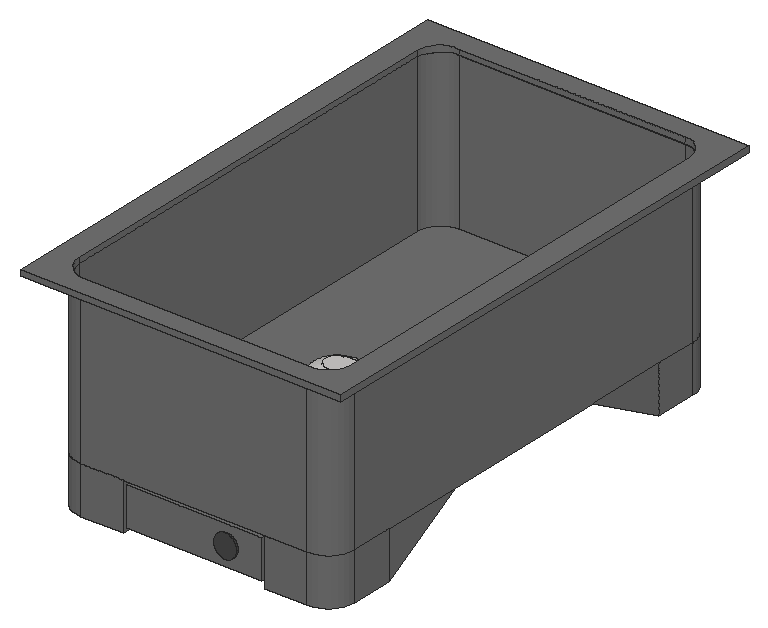
Revit family "QF_Vollrath_72105", category Specialty Equipment, Revit 2016
Family settings
  Part Type = Normal
  Round Connector Dimension = Use Diameter
  OmniClass Number = 23.40.40.14.14
  OmniClass Title = Food Preparation Equipment
  Work Plane-Based = No
  Always vertical = Yes
  Cut with Voids When Loaded = No
  Shared = No
  Room Calculation Point = No
Parameters
  Weight in Pounds = 15.2
  Watts = 700 W
  Watermarked By = "http://revitwatermark.com"
  Waste Water Discharge Temperature [instance] = -459.67 °F
  Volts = 120 V
  URL Cutsheet = ""
  URL = "www.vollrathco.com"
  Status [instance] = ""
  Specification by User [instance] = ""
  Specification by Manufacturer [instance] = ""
  Serial Number [instance] = ""
  Seismic Rating [instance] = ""
  SMACNA No [instance] = ""
  Revision Code [instance] = ""
  Plumbing Remarks [instance] = ""
  Plumbing Connection Type [instance] = ""
  Phase = 1
  Number of Poles = 1
  NAFEM Spec ID Number [instance] = ""
  Model = "72105"
  Masterspec [instance] = ""
  Manufacturer = "Vollrath"
  Item Number [instance] = "-"
  Installed By [instance] = ""
  Indirect Waste Size = 1/2"
  Indirect Waste Flow [instance] = 0.00 GPM
  Indirect Waste Connection Type [instance] = ""
  Indirect Waste Connection Height [instance] = Height AFF - 0' 11"  # 2' - 0 3/4"
  Height AFF [instance] = 2' - 11 3/4"
  Furnished By [instance] = ""
  Foodservice Equipment Identifier [instance] = yes
  FL Amps = 5.8 A
  Electrical Remarks [instance] = ""
  Electric Connection Type [instance] = ""
  Elec Conn RI Height [instance] = 0' - 0"
  Elec Conn Connection Height [instance] = Height AFF - 0' 8"  # 2' - 3 3/4"
  Description = "Drop-In Warmer"
  Cycle = 60 Hz
  Conn Plug = "NEMA 5-15P"
  CSI MasterFormat = "11 42 00"
  Assembly Code = "E1090320"
  Apparent Power = Volts * FL Amps  # 696 VA
Reference planes (in)
  plane 1 "BACK": y = 0
  plane 2: z = 0
  plane 3 "LEFT": x = -6
  plane 4 "RIGHT": x = 7.655
  plane 5: y = -21.655
  plane 6: x = -4.979
  plane 7: x = 6.634
  plane 8: y = -0.8355
  plane 9 "Front of Bottom": y = -20.8195
  plane 10 "Table Top": z = 35.75
  plane 11 "TOP": z = 36
  plane 12 "BOTTOM": z = 26.985
  plane 13 "Bottom of Well": z = 29
  plane 14: x = -2.1725
  plane 15: x = 3.8275
  plane 16: y = -3.648
  plane 17: y = -18.007
  plane 18 "Drain": z = 25
Forms (in)
  Extrusion 1, solid, material "QF_Finishes_Dark Grey"
    sketch origin (0, 0, 35.75) x (0, 1, 0) y (-1, 0, 0)
      loop
        line (0, 6) -> (-21.655, 6) -> (-21.655, -7.655) -> (0, -7.655) -> (0, 6)
      loop
        arc (-0.8355, 3.979) -> (-1.12839, 4.68611) -> (-1.8355, 4.979) r 1
        line (-1.8355, 4.979) -> (-19.8195, 4.979)
        arc (-19.8195, 4.979) -> (-20.52661, 4.68611) -> (-20.8195, 3.979) r 1
        line (-20.8195, 3.979) -> (-20.8195, -5.634)
        arc (-20.8195, -5.634) -> (-20.52661, -6.34111) -> (-19.8195, -6.634) r 1
        line (-19.8195, -6.634) -> (-1.8355, -6.634)
        arc (-1.8355, -6.634) -> (-1.12839, -6.34111) -> (-0.8355, -5.634) r 1
        line (-0.8355, -5.634) -> (-0.8355, 3.979)
    from 0 to 0.25
  Extrusion 2, solid, material "QF_Finishes_Dark Grey"
    sketch origin (0, 0, 35.75) x (0, 1, 0) y (-1, 0, 0)
      loop
        arc (-0.8355, 3.979) -> (-1.12839, 4.68611) -> (-1.8355, 4.979) r 1
        line (-1.8355, 4.979) -> (-19.8195, 4.979)
        arc (-19.8195, 4.979) -> (-20.52661, 4.68611) -> (-20.8195, 3.979) r 1
        line (-20.8195, 3.979) -> (-20.8195, -5.634)
        arc (-20.8195, -5.634) -> (-20.52661, -6.34111) -> (-19.8195, -6.634) r 1
        line (-19.8195, -6.634) -> (-1.8355, -6.634)
        arc (-1.8355, -6.634) -> (-1.12839, -6.34111) -> (-0.8355, -5.634) r 1
        line (-0.8355, -5.634) -> (-0.8355, 3.979)
      loop
        arc (-0.7105, 3.979) -> (-1.04, 4.7745) -> (-1.8355, 5.104) r 1.125
        line (-1.8355, 5.104) -> (-19.8195, 5.104)
        arc (-19.8195, 5.104) -> (-20.615, 4.7745) -> (-20.9445, 3.979) r 1.125
        line (-20.9445, 3.979) -> (-20.9445, -5.634)
        arc (-20.9445, -5.634) -> (-20.615, -6.4295) -> (-19.8195, -6.759) r 1.125
        line (-19.8195, -6.759) -> (-1.8355, -6.759)
        arc (-1.8355, -6.759) -> (-1.04, -6.4295) -> (-0.7105, -5.634) r 1.125
        line (-0.7105, -5.634) -> (-0.7105, 3.979)
    from 0 to -6.75
  Extrusion 3, solid, material "QF_Finishes_Dark Grey"
    sketch origin (0, 0, 29) x (0, 1, 0) y (-1, 0, 0)
      loop
        arc (-0.8355, 3.979) -> (-1.12839, 4.68611) -> (-1.8355, 4.979) r 1
        line (-1.8355, 4.979) -> (-19.8195, 4.979)
        arc (-19.8195, 4.979) -> (-20.52661, 4.68611) -> (-20.8195, 3.979) r 1
        line (-20.8195, 3.979) -> (-20.8195, -5.634)
        arc (-20.8195, -5.634) -> (-20.52661, -6.34111) -> (-19.8195, -6.634) r 1
        line (-19.8195, -6.634) -> (-1.8355, -6.634)
        arc (-1.8355, -6.634) -> (-1.12839, -6.34111) -> (-0.8355, -5.634) r 1
        line (-0.8355, -5.634) -> (-0.8355, 3.979)
      loop
        circle (-3, -0.8275) r 0.25
    from 0 to 0.125
  Extrusion 4, solid, material "QF_Finishes_Dark Grey"
    sketch origin (0, 0, 29) x (0, 1, 0) y (-1, 0, 0)
      loop
        line (-3.648, 2.1725) -> (-0.7105, 2.1725) -> (-0.7105, 3.979)
        arc (-0.7105, 3.979) -> (-1.04, 4.7745) -> (-1.8355, 5.104) r 1.125
        line (-1.8355, 5.104) -> (-3.648, 5.104) -> (-3.648, 2.1725)
      loop
        line (-3.648, -3.8275) -> (-3.648, -6.759) -> (-1.8355, -6.759)
        arc (-1.8355, -6.759) -> (-1.04, -6.4295) -> (-0.7105, -5.634) r 1.125
        line (-0.7105, -5.634) -> (-0.7105, -3.8275) -> (-3.648, -3.8275)
      loop
        line (-18.007, 2.1725) -> (-18.007, 5.104) -> (-19.8195, 5.104)
        arc (-19.8195, 5.104) -> (-20.615, 4.7745) -> (-20.9445, 3.979) r 1.125
        line (-20.9445, 3.979) -> (-20.9445, 2.1725) -> (-18.007, 2.1725)
      loop
        line (-18.007, -3.8275) -> (-20.9445, -3.8275) -> (-20.9445, -5.634)
        arc (-20.9445, -5.634) -> (-20.615, -6.4295) -> (-19.8195, -6.759) r 1.125
        line (-19.8195, -6.759) -> (-18.007, -6.759) -> (-18.007, -3.8275)
    from 0 to -2.015
  Extrusion 5, solid, material "QF_Finishes_Dark Grey"
    sketch origin (-6, 0, 0) x (0, 1, 0) y (0, 0, 1)
      loop
        line (-3.648, 29) -> (-7.13808, 29) -> (-3.648, 26.985) -> (-3.648, 29)
    from 0.896 to 3.8275
  Extrusion 6, solid, material "QF_Finishes_Dark Grey"
    sketch origin (7.655, 0, 0) x (0, 1, 0) y (0, 0, -1)
      loop
        line (-3.648, -29) -> (-3.648, -26.985) -> (-7.13808, -29) -> (-3.648, -29)
    from 0.896 to 3.8275
  Extrusion 7, solid, material "QF_Finishes_Dark Grey"
    sketch origin (-6, -21.655, 0) x (0, -1, 0) y (0, 0, -1)
      loop
        line (-3.648, -29) -> (-3.648, -26.985) -> (-7.13808, -29) -> (-3.648, -29)
    from 0.896 to 3.8275
  Extrusion 8, solid, material "QF_Finishes_Dark Grey"
    sketch origin (7.655, -21.655, 0) x (0, -1, 0) y (0, 0, 1)
      loop
        line (-3.648, 29) -> (-7.13808, 29) -> (-3.648, 26.985) -> (-3.648, 29)
    from 0.896 to 3.8275
  Blend 9, solid, material "QF_Finishes_Stainless Steel"
    base sketch origin (0, 0, 29) x (0, 1, 0) y (-1, 0, 0)
      loop
        arc (-9.8275, 1.1725) -> (-10.8275, 2.1725) -> (-11.8275, 1.1725) r 1
        line (-11.8275, 1.1725) -> (-11.8275, -2.8275)
        arc (-11.8275, -2.8275) -> (-10.8275, -3.8275) -> (-9.8275, -2.8275) r 1
        line (-9.8275, -2.8275) -> (-9.8275, 1.1725)
    top sketch origin (0, 0, 29) x (0, 1, 0) y (-1, 0, 0)
      loop
        arc (-10.3275, 1.1725) -> (-10.8275, 1.6725) -> (-11.3275, 1.1725) r 0.5
        line (-11.3275, 1.1725) -> (-11.3275, -2.8275)
        arc (-11.3275, -2.8275) -> (-10.8275, -3.3275) -> (-10.3275, -2.8275) r 0.5
        line (-10.3275, -2.8275) -> (-10.3275, 1.1725)
    from 0.125 to 0.375
  Extrusion 10, solid, material "QF_Finishes_Dark Grey"
    sketch origin (0, -20.8195, 0) x (1, 0, 0) y (0, 0, 1)
      loop
        line (-2.0475, 28.875) -> (-2.0475, 27.235) -> (3.7025, 27.235) -> (3.7025, 28.875) -> (-2.0475, 28.875)
    from 0.125 to -2.5
  Extrusion 11, solid, material "QF_Finishes_Black"
    sketch origin (0, -20.8195, 0) x (1, 0, 0) y (0, 0, 1)
      loop
        circle (2.2025, 28.055) r 0.5
    from 0.125 to 0.1875
  Extrusion 12, solid, material "QF_Finishes_Dark Grey"
    sketch origin (0, 0, 29) x (0, 1, 0) y (-1, 0, 0)
      loop
        circle (-3, -0.8275) r 0.25
      loop
        circle (-3, -0.8275) r 0.375
    from 0 to -4
Lines and regions (in)
  symbolic lines
    curve 1: line (-6, 0, 29) -> (7.655, 0, 29)
    curve 2: line (-6, -21.655, 29) -> (-6, 0, 29)
    curve 3: line (7.655, -21.655, 29) -> (-6, -21.655, 29)
    curve 4: line (7.655, 0, 29) -> (7.655, -21.655, 29)
    curve 5: line (-3.979, -0.8355, 29) -> (5.634, -0.8355, 29)
    curve 6: line (-4.979, -19.8195, 29) -> (-4.979, -1.8355, 29)
    curve 7: line (5.634, -20.8195, 29) -> (-3.979, -20.8195, 29)
    curve 8: line (6.634, -1.8355, 29) -> (6.634, -19.8195, 29)
    curve 9: arc (-3.979, -0.8355, 29) -> (-4.68611, -1.12839, 29) -> (-4.979, -1.8355, 29) r 1
    curve 10: arc (5.634, -0.8355, 29) -> (6.34111, -1.12839, 29) -> (6.634, -1.8355, 29) r 1
    curve 11: arc (6.634, -19.8195, 29) -> (6.34111, -20.52661, 29) -> (5.634, -20.8195, 29) r 1
    curve 12: arc (-3.979, -20.8195, 29) -> (-4.68611, -20.52661, 29) -> (-4.979, -19.8195, 29) r 1
    curve 13: line (2.8275, -11.8275, 29) -> (-1.1725, -11.8275, 29)
    curve 14: arc (-1.1725, -11.8275, 29) -> (-2.1725, -10.8275, 29) -> (-1.1725, -9.8275, 29) r 1
    curve 15: line (-1.1725, -9.8275, 29) -> (2.8275, -9.8275, 29)
    curve 16: line (2.8275, -10.3275, 29) -> (-1.1725, -10.3275, 29)
    curve 17: arc (-1.1725, -10.3275, 29) -> (-1.6725, -10.8275, 29) -> (-1.1725, -11.3275, 29) r 0.5
    curve 18: line (-1.1725, -11.3275, 29) -> (2.8275, -11.3275, 29)
    curve 19: arc (2.8275, -11.3275, 29) -> (3.3275, -10.8275, 29) -> (2.8275, -10.3275, 29) r 0.5
    curve 20: arc (2.8275, -9.8275, 29) -> (3.8275, -10.8275, 29) -> (2.8275, -11.8275, 29) r 1
    curve 21: arc (0.8275, -2.75, 29) -> (1.0775, -3, 29) -> (0.8275, -3.25, 29) r 0.25
    curve 22: arc (0.8275, -3.25, 29) -> (0.5775, -3, 29) -> (0.8275, -2.75, 29) r 0.25
Dimensions and locks (in)
  locked: plane 3 "LEFT" to plane 4 "RIGHT" at 13.655
  locked: plane 5 to plane 1 "BACK" at 21.655
  locked: plane 3 "LEFT" to plane 6 at 1.021
  locked: plane 7 to plane 4 "RIGHT" at 1.021
  locked: plane 8 to plane 1 "BACK" at 0.8355
  locked: plane 5 to plane 9 "Front of Bottom" at 0.8355
  "Height AFF": plane 10 "Table Top" to plane 2
  locked: plane 11 "TOP" to plane 10 "Table Top" at 0.25
  locked: plane 11 "TOP" to plane 12 "BOTTOM" at 9.015
  locked: plane 13 "Bottom of Well" to plane 12 "BOTTOM" at 2.015
  locked: plane 6 to plane 14 at 2.8065
  locked: plane 15 to plane 7 at 2.8065
  locked: plane 16 to plane 8 at 2.8125
  locked: plane 9 "Front of Bottom" to plane 17 at 2.8125
  locked: plane 13 "Bottom of Well" to Extrusion 10 sketch curve at 0.125
  locked: plane 13 "Bottom of Well" to Extrusion 10 sketch curve at 1.765
  locked: plane 13 "Bottom of Well" to Extrusion 11 sketch curve at 0.945
  locked: plane 13 "Bottom of Well" to plane 18 "Drain" at 4
  aligned and locked: level to plane 2
  aligned and locked: plane 1 "BACK" to Extrusion 1 sketch curve
  aligned and locked: plane 3 "LEFT" to Extrusion 1 sketch curve
  aligned and locked: Extrusion 1 sketch curve to plane 5
  aligned and locked: Extrusion 1 sketch curve to plane 4 "RIGHT"
  aligned and locked: plane 8 to Extrusion 1 sketch curve
  aligned and locked: plane 6 to Extrusion 1 sketch curve
  aligned and locked: Extrusion 1 sketch curve to plane 9 "Front of Bottom"
  aligned and locked: Extrusion 1 sketch curve to plane 7
  aligned and locked: plane 11 "TOP" to Extrusion 1
  aligned and locked: plane 8 to Extrusion 2 sketch curve
  aligned and locked: plane 6 to Extrusion 2 sketch curve
  aligned and locked: Extrusion 2 sketch curve to plane 9 "Front of Bottom"
  aligned and locked: Extrusion 2 sketch curve to plane 7
  aligned and locked: Extrusion 2 to plane 13 "Bottom of Well"
  aligned and locked: plane 8 to Extrusion 3 sketch curve
  aligned and locked: plane 6 to Extrusion 3 sketch curve
  aligned and locked: Extrusion 3 sketch curve to plane 9 "Front of Bottom"
  aligned and locked: Extrusion 3 sketch curve to plane 7
  aligned and locked: Extrusion 4 sketch curve to plane 16
  aligned and locked: plane 14 to Extrusion 4 sketch curve
  aligned and locked: plane 16 to Extrusion 4 sketch curve
  aligned and locked: plane 15 to Extrusion 4 sketch curve
  aligned and locked: Extrusion 4 sketch curve to plane 17
  aligned and locked: Extrusion 4 sketch curve to plane 14
  aligned and locked: plane 17 to Extrusion 4 sketch curve
  aligned and locked: Extrusion 4 sketch curve to plane 15
  aligned and locked: Extrusion 4 to plane 12 "BOTTOM"
  aligned and locked: Extrusion 12 sketch curve to Extrusion 3  (x2)
  aligned and locked: Extrusion 12 to plane 18 "Drain"
Automatic sketch dimensions
  Extrusion 1 sketch curve to Extrusion 1 sketch curve = 0' - 1"  (x2)
  plane 8 to Extrusion 1 sketch curve = 0' - 1"  (x2)
  Extrusion 2 sketch curve to Extrusion 2 sketch curve = 0' - 0"  (x8)
  plane 9 "Front of Bottom" to Extrusion 2 sketch curve = 0' - 0 1/8"
  Extrusion 2 sketch curve to plane 9 "Front of Bottom" = 0' - 1"  (x2)
  plane 8 to Extrusion 2 sketch curve = 0' - 1"  (x2)
  Extrusion 4 sketch curve to plane 6 = 0' - 0 1/8"
  Extrusion 4 sketch curve to plane 9 "Front of Bottom" = 0' - 1"  (x2)
  plane 7 to Extrusion 4 sketch curve = 0' - 0 1/8"  (x2)
  plane 9 "Front of Bottom" to Extrusion 4 sketch curve = 0' - 0 1/8"  (x2)
  plane 8 to Extrusion 4 sketch curve = 0' - 1"  (x2)
  Extrusion 4 sketch curve to plane 8 = 0' - 0 1/8"  (x2)
  plane 6 to Extrusion 4 sketch curve = 0' - 1"
  Extrusion 5 sketch curve to plane 13 "Bottom of Well" = 0' - 0"
  Extrusion 5 sketch curve to plane 12 "BOTTOM" = 0' - 0"
  Extrusion 5 sketch curve to plane 16 = 0' - 0"
  plane 16 to Extrusion 5 sketch curve = 0' - 3.49008"
  Extrusion 6 sketch curve to plane 13 "Bottom of Well" = 0' - 0"
  Extrusion 6 sketch curve to plane 12 "BOTTOM" = 0' - 0"
  Extrusion 6 sketch curve to plane 16 = 0' - 0"
  plane 16 to Extrusion 6 sketch curve = 0' - 3.49008"
  Extrusion 7 sketch curve to plane 13 "Bottom of Well" = 0' - 0"
  Extrusion 7 sketch curve to plane 12 "BOTTOM" = 0' - 0"
  Extrusion 7 sketch curve to plane 17 = 0' - 0"
  plane 17 to Extrusion 7 sketch curve = 0' - 3.49008"
  Extrusion 8 sketch curve to plane 13 "Bottom of Well" = 0' - 0"
  Extrusion 8 sketch curve to plane 12 "BOTTOM" = 0' - 0"
  Extrusion 8 sketch curve to plane 17 = 0' - 0"
  Extrusion 8 sketch curve to plane 17 = 0' - 3.49008"
  plane 15 to Blend 9 sketch curve = 0' - 1"  (x2)
  Blend 9 sketch curve to plane 14 = 0' - 1"  (x2)
  Blend 9 sketch curve to plane 17 = 0' - 6.1795"
  Blend 9 sketch curve to Blend 9 sketch curve = 0' - 1"
  Blend 9 sketch curve to plane 17 = 0' - 6.6795"
  Blend 9 sketch curve to Blend 9 sketch curve = 0' - 0 1/2"
  Extrusion 10 sketch curve to plane 14 = 0' - 0 1/8"
  plane 15 to Extrusion 10 sketch curve = 0' - 0 1/8"
  plane 15 to Extrusion 11 sketch curve = 0' - 1 5/8"
  plane 8 to Extrusion 3 sketch curve = 0' - 2.1645"
  Extrusion 3 sketch curve to plane 7 = 0' - 1"  (x2)
  Extrusion 3 sketch curve to plane 9 "Front of Bottom" = 0' - 1"
  plane 8 to Extrusion 3 sketch curve = 0' - 1"
  Extrusion 3 sketch curve to plane 14 = 0' - 3"
  Extrusion 12 sketch curve to Extrusion 12 sketch curve = 0' - 0"  (x2)
  Extrusion 12 sketch curve to Extrusion 12 sketch curve = 0' - 0 1/8"
  curve 3 to plane 3 "LEFT" = 0' - 0"
  plane 5 to curve 3 = 0' - 0"
  plane 9 "Front of Bottom" to curve 7 = 0' - 0"
  curve 12 to plane 6 = 0' - 0"
  curve 11 to plane 7 = 0' - 0"
  plane 8 to curve 9 = 0' - 0"
  plane 1 "BACK" to curve 2 = 0' - 0"
  curve 1 to plane 4 "RIGHT" = 0' - 0"
  curve 7 to curve 11 = 0' - 1"
  curve 7 to curve 12 = 0' - 1"
  plane 8 to curve 8 = 0' - 1"
  plane 8 to curve 6 = 0' - 1"
  plane 15 to curve 13 = 0' - 1"
  curve 13 to plane 17 = 0' - 6.1795"
  curve 14 to curve 14 = 0' - 1"
  curve 14 to plane 14 = 0' - 1"
  curve 14 to curve 17 = 0' - 0"  (x2)
  curve 17 to curve 14 = 0' - 0 1/2"
  curve 16 to curve 15 = 0' - 0"
  curve 21 to curve 22 = 0' - 0"  (x2)
  curve 21 to plane 16 = 0' - 0.398"
  curve 21 to curve 21 = 0' - 0 1/4"
  curve 21 to plane 14 = 0' - 3"
  radius of Extrusion 11 sketch curve = 0' - 0 1/2"
  radius of Extrusion 3 sketch curve = 0' - 0 1/4"
Connectors (in)
  electrical at (0.8275, -18.3195, 28.055), driven by "Number of Poles", driven by "Volts", driven by "Apparent Power"
    settings: on Extrusion 10, index 1, voltage 120 V, apparent load 696 VA, apparent load phase1 0 VA, apparent load phase2 0 VA, apparent load phase3 0 VA, power factor 1, load classification "Other", number of poles 1, system type 30, power factor state 1, is connector primary yes, connector utility no, sub classification motor no, connector description "Electric"
  piping at (0.8275, -3, 25), diameter 0.5, driven by "Indirect Waste Flow"
    settings: on Extrusion 12, index 2, connector inside diameter 1/2", connector length 0' - 0", flow factor 0, pipe flow 0.00 GPM, pressure drop 0.00 psi, fitting loss kfactor 0, connector angle 0.00°, fixture units 0, engagement length 0' - 0", angle of deflection 0.00°, flow configuration 1, flow direction 2, fitting loss method 0, system type 16, joint type 0, gender type 0, connector reference index -1, connector utility 0, adjustable connector no, is connector primary yes, connector description "Indirect Waste"
